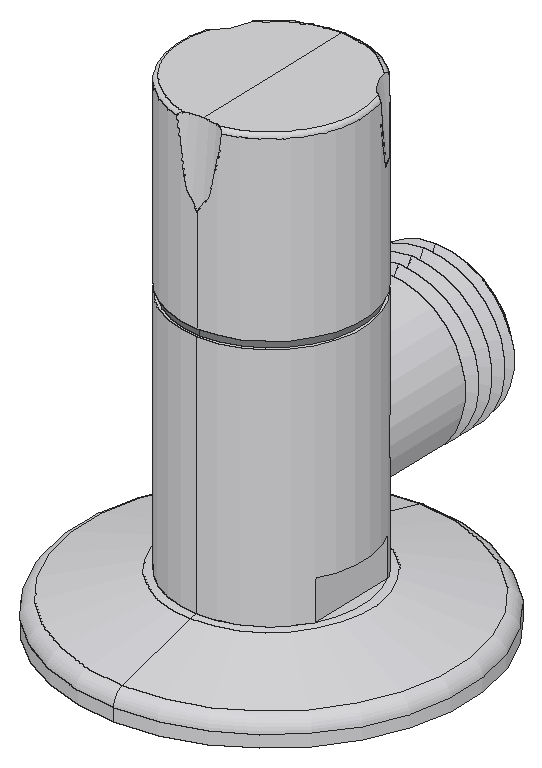
Revit family "Faucet-Angle_Valve-KOHLER-Brio-K-33439K_1", category Plumbing Fixtures, host Face, Revit 2021
Family settings
  Host = Face
  Round Connector Dimension = Use Diameter
  Part Type = Normal
  OmniClass Number = 23.31.11.00
  OmniClass Title = Faucets
  Cut with Voids When Loaded = No
  Shared = No
  Room Calculation Point = No
Parameters (values of type "CP-Polished Chrome")
  Width = 2 1/128"  # constant formula
  WaterSense Certified = 1 = 0  # no
  Waste Water Outlet = "Waste Water Outlet"  # constant formula
  Waste Connection = 1 = 0  # no
  Vent Connection = 1 = 0  # no
  URL = "https://www.kohlerasiapacific.com/"
  Type = 1
  Product Page URL = ""
  Product Name = "Brio"  # constant formula
  Product Documentation Link = ""
  Pressure = 0.00 psi
  Model = "K-33439K-CP"  # constant formula
  Material = "Premium Metal Construction"  # constant formula
  Master Format 2014 Name = "Residential Faucets, Supplies, and Trim"  # constant formula
  Master Format 2014 = "22 41 39"  # constant formula
  Manufacturer Address = "No. 158 Jiang Chang San Road, Zhabei District, Shanghai, China\r\n"  # constant formula
  Manufacturer = "Kohler Co."  # constant formula
  Length = 2.50878"  # constant formula
  Hot Water Inlet = "Hot Water Inlet"  # constant formula
  Height = 2.1063"  # constant formula
  HW Connection = 1 = 0  # no
  Flow Rate = 0 GPM
  Finish = Kohler-Metal-CP-Polished_Chrome
  Environmental Product Declaration = ""
  Drain Included = 1 = 0  # no
  Description = "Bliss Angle Valve"  # constant formula
  Default Elevation = 36"
  Declare Label = ""
  Date Modified = "04/05/2024"  # constant formula
  Date Created = "04/05/2024"  # constant formula
  Copyright = "Copyright Kohler Co."  # constant formula
  Contact Us = "https://www.kohlerasiapacific.com/contact-us"
  Cold Water Outlet = "Cold Water Outlet"  # constant formula
  Cold Water Inlet = "Cold Water Inlet"  # constant formula
  CW Connection = 1 = 1  # yes
  Assembly Code = "D2010"
  ADA Compliant = 1 = 0  # no
Reference planes (in)
  plane 1 "Center (Front/Back)": y = 0
  plane 2: z = 0
  plane 3 "Center (Left/Right)": x = 0
  plane 4: y = -1.00394
  plane 5: x = 1.00394
  plane 6: x = -1.00388
  plane 7: z = 0.88675
  plane 8: z = 2.50878
  plane 9: y = 1.10236
Dimensions and locks (in)
  "Width": plane 6 to plane 5
  level to plane 7 = 0.88675"
  plane 1 "Center (Front/Back)" to plane 9 = 1.10236"
  "Height": plane 9 to plane 4
  "Length": plane 8 to level
  aligned and locked: plane 2 to host face
  aligned and locked: level to host face
  aligned and locked: plane 1 "Center (Front/Back)" to nested 1
  aligned and locked: plane 3 "Center (Left/Right)" to nested 1
  aligned and locked: plane 4 to nested 1
  aligned and locked: plane 9 to nested 1
  aligned and locked: plane 8 to nested 1
Automatic sketch dimensions
  host sketch curve to host sketch curve = 96"  (x2)
Nested families (in)
  nested 1: "K-33439K" at (0, 0, -0.00001), type "K-33439K"
Connectors (in)
  piping at (0, 0, -0.00001), diameter 0.5, driven by "CW Connection", driven by "Cold Water Inlet"
    settings: on nested 1, index 2, connector inside diameter 24", connector length 0", flow factor 0, pipe flow 0 GPM, pressure drop 0.00 psi, fitting loss kfactor 0, connector angle 0.00°, fixture units 0, engagement length 0", angle of deflection 0.00°, flow configuration 0, flow direction 1, fitting loss method 0, system type 20, joint type 0, gender type 0, connector reference index -1, connector utility 1, adjustable connector no, is connector primary yes, connector description "Cold Water Inlet"
  piping at (0, 1.10236, 0.88673), diameter 0.5, driven by "CW Connection", driven by "Cold Water Outlet"
    settings: on nested 1, index 3, connector inside diameter 24", connector length 0", flow factor 0, pipe flow 0 GPM, pressure drop 0.00 psi, fitting loss kfactor 0, connector angle 0.00°, fixture units 0, engagement length 0", angle of deflection 0.00°, flow configuration 0, flow direction 2, fitting loss method 0, system type 20, joint type 0, gender type 0, connector reference index -1, connector utility 1, adjustable connector no, is connector primary no, connector description "Cold Water Outlet"
Definition of nested family "K-33439K"
  Parameters
    Material = none
    Default Elevation = 0"
  Reference planes (in)
    plane 1 "Center (Front/Back)": y = 0
    plane 2: z = 0
    plane 3 "Center (Left/Right)": x = 0
    plane 4: y = -1.00394
    plane 5: y = 1.00394
    plane 6: z = 0
    plane 7: z = 2.50879
    plane 8: z = 2.02848
    plane 9: z = 0.88675
    plane 10: x = 1.00394
    plane 11: x = -1.00394
    plane 12: y = 1.10236
    plane 13: x = -0.47266
    plane 14: x = 0.47266
  Forms (in)
    Revolve 1, solid, material <- "Material", detail levels medium+fine
      sketch origin (0, 0, 0) x (0, -1, 0) y (0, 0, 1)
        loop
          line (0.47266, 0.25915) -> (0.47266, 1.52456) -> (0, 1.52456) -> (0, 0.25915) -> (0.47266, 0.25915)
        axis (0, 1.52456) -> (0, 0.25915)
      angle from 0 to 360
    Revolve 2, solid, detail levels medium+fine
      sketch origin (0, 0, 0) x (0, -1, 0) y (0, 0, 1)
        loop
          line (0, 1.52454) -> (0.45691, 1.52454) -> (0.45691, 1.56391) -> (0, 1.56391) -> (0, 1.52454)
        axis (0, 1.56391) -> (0, 1.52454)
      angle from 0 to 360
    Revolve 3, solid, material <- "Material", detail levels medium+fine
      sketch origin (0, 0, 0) x (0, -1, 0) y (0, 0, 1)
        loop
          line (0.00022, 1.56391) -> (0.47268, 1.56391) -> (0.47268, 2.48911)
          arc (0.47268, 2.48911) -> (0.46691, 2.50303) -> (0.45299, 2.50879) r 0.01969
          line (0.45299, 2.50879) -> (0.00022, 2.50879) -> (0.00022, 1.56391)
        axis (0.00022, 2.50879) -> (0.00022, 1.56391)
      angle from 0 to 360
    Revolve 4, solid, material <- "Material", detail levels medium+fine
      sketch origin (0, 0, 0) x (0, -1, 0) y (0, 0, 1)
        loop
          line (-0.15111, 1.29226) -> (-0.7301, 1.29226) -> (-0.76943, 1.22433) -> (-0.81081, 1.29566) -> (-0.85228, 1.2245) -> (-0.89357, 1.29566) -> (-0.93503, 1.22452) -> (-0.9763, 1.29566) -> (-1.01747, 1.22503) -> (-1.05154, 1.28376) -> (-1.08519, 1.25011)
          arc (-1.08519, 1.25011) -> (-1.09623, 1.23514) -> (-1.10236, 1.21758) r 0.06233
          line (-1.10236, 1.21758) -> (-1.10236, 0.88675) -> (0.00049, 0.88675) -> (0.00049, 1.2246) -> (-0.15111, 1.29226)
        axis (0.00049, 0.88675) -> (-1.10236, 0.88675)
      angle from 0 to 360
    Extrusion 5, void
      sketch origin (0, 0, 0.0123) x (-1, 0, 0) y (0, 0, 1)
        loop
          circle (-0.00131, 0.87437) r 0.31496
      from 0.7301 to 1.52056
    Extrusion 6, void
      sketch origin (0, -0.34717, -0.02228) x (-1, 0, 0) y (0, -0.994522, 0.104528)
        loop
          arc (-0.22585, 0.47371) -> (-0.00007, 0.34636) -> (0.22571, 0.47371) r 0.26383
          line (0.22571, 0.47371) -> (-0.22585, 0.47371)
      from 2.00878 to 3.31674
    Extrusion 7, void
      sketch origin (-0.30024, 0.17285, -0.02228) x (0.5, 0.866025, 0) y (-0.861281, 0.497261, 0.104528)
        loop
          arc (-0.22585, 0.47371) -> (-0.00007, 0.34636) -> (0.22571, 0.47371) r 0.26383
          line (0.22571, 0.47371) -> (-0.22585, 0.47371)
      from 2.00878 to 3.31674
    Extrusion 8, void
      sketch origin (0.30024, 0.17285, -0.02228) x (0.5, -0.866025, 0) y (0.861281, 0.497261, 0.104528)
        loop
          arc (-0.22585, 0.47371) -> (-0.00007, 0.34636) -> (0.22571, 0.47371) r 0.26383
          line (0.22571, 0.47371) -> (-0.22585, 0.47371)
      from 2.00878 to 3.31674
    Revolve 9, solid, material <- "Material", detail levels coarse
      sketch origin (0, 0, 0) x (0, -1, 0) y (0, 0, 1)
        loop
          line (0.00049, 1.29226) -> (-1.10236, 1.29226) -> (-1.10236, 0.88675) -> (0.00049, 0.88675) -> (0.00049, 1.29226)
        axis (0.00049, 0.88675) -> (-1.10236, 0.88675)
      angle from 0 to 360
    Revolve 10, solid, material <- "Material", detail levels coarse
      sketch origin (0, 0, 0) x (0, -1, 0) y (0, 0, 1)
        loop
          line (1.00394, 0) -> (1.00394, 0.25915) -> (0.47266, 0.25915) -> (0.47266, 2.50879) -> (0, 2.50879) -> (0, 0) -> (1.00394, 0)
        axis (0, 2.50879) -> (0, 0)
      angle from 0 to 360
    Extrusion 11, void
      sketch origin (0, 0, 0.00308) x (-1, 0, 0) y (0, 0, 1)
        loop
          line (0.50747, 0.45856) -> (0.41512, 0.45856) -> (0.41512, 0.25607) -> (0.50747, 0.25607) -> (0.50747, 0.45856)
        loop
          line (-0.50747, 0.45833) -> (-0.50747, 0.25607) -> (-0.41195, 0.25607) -> (-0.41195, 0.45833) -> (-0.50747, 0.45833)
      from -0.57483 to 0.61191
    Revolve 12, solid, material <- "Material", detail levels medium+fine
      sketch origin (0, 0, 0) x (0, -1, 0) y (0, 0, 1)
        loop
          line (1.00394, 0) -> (1.00394, 0.06194)
          arc (1.00394, 0.06194) -> (0.98766, 0.10988) -> (0.94554, 0.138) r 0.07874
          line (0.94554, 0.138) -> (0.51186, 0.25401)
          arc (0.51186, 0.25401) -> (0.49248, 0.25786) -> (0.47277, 0.25915) r 0.15127
          line (0.47277, 0.25915) -> (0, 0.25915) -> (0, 0) -> (1.00394, 0)
        axis (0, 0.25915) -> (0, 0)
      angle from 0 to 360
    Extrusion 13, solid, material <- "Material", detail levels medium+fine
      sketch origin (0, 0, 0) x (-1, 0, 0) y (0, -1, 0)
        loop
          circle (0, 0) r 0.07874
      from 0 to 0.05222
    Extrusion 14, solid, material <- "Material", detail levels medium+fine
      sketch origin (0, 0, 0) x (-1, 0, 0) y (0, 0, 1)
        loop
          circle (0, 0.88675) r 0.07874
      from 0 to 1.10236
  Cuts and joins
    Extrusion 5 cuts Revolve 4
    Extrusion 6, Extrusion 7, Extrusion 8 cuts Revolve 3
    Extrusion 11 cuts Revolve 1
  Lines and regions (in)
    Masking region 1
      outline origin (0, 0, 0) x (1, 0, 0) y (0, 0, 1)
        loop
          line (-1.00394, 0) -> (1.00394, 0) -> (1.00394, 0.05728)
          arc (1.00394, 0.05728) -> (0.98764, 0.10524) -> (0.9455, 0.13335) r 0.07874
          line (0.9455, 0.13335) -> (0.48259, 0.25687)
          arc (0.48259, 0.25687) -> (0.46709, 0.26064) -> (0.45144, 0.26371) r 0.35638
          line (0.45144, 0.26371) -> (0.41227, 0.26371) -> (0.41227, 0.46155) -> (0.47039, 0.46155) -> (0.47039, 2.48911)
          arc (0.47039, 2.48911) -> (0.46462, 2.50303) -> (0.4507, 2.50879) r 0.01969
          line (0.4507, 2.50879) -> (0, 2.50879) -> (-0.4507, 2.50879)
          arc (-0.4507, 2.50879) -> (-0.46462, 2.50303) -> (-0.47039, 2.48911) r 0.01969
          line (-0.47039, 2.48911) -> (-0.47039, 0.46155) -> (-0.41227, 0.46155) -> (-0.41227, 0.26371) -> (-0.45144, 0.26371)
          arc (-0.45144, 0.26371) -> (-0.46709, 0.26064) -> (-0.48259, 0.25687) r 0.35638
          line (-0.48259, 0.25687) -> (-0.9455, 0.13335)
          arc (-0.9455, 0.13335) -> (-0.98764, 0.10524) -> (-1.00394, 0.05728) r 0.07874
          line (-1.00394, 0.05728) -> (-1.00394, 0)
    Masking region 2
      outline origin (0, 0, 0) x (0, 1, 0) y (0, 0, 1)
        loop
          line (1.00394, 0) -> (1.00394, 0.05655)
          arc (1.00394, 0.05655) -> (0.98751, 0.1049) -> (0.94502, 0.13324) r 0.07937
          line (0.94502, 0.13324) -> (0.47218, 0.2593) -> (0.47218, 0.40249)
          arc (0.47218, 0.40249) -> (0.49524, 0.45817) -> (0.55092, 0.48123) r 0.07874
          line (0.55092, 0.48123) -> (0.73009, 0.48123) -> (0.76956, 0.5496) -> (0.81109, 0.47765) -> (0.85217, 0.54879) -> (0.89324, 0.47765) -> (0.93469, 0.54945) -> (0.97614, 0.47765) -> (1.01751, 0.54931) -> (1.05182, 0.48989) -> (1.08503, 0.52311)
          arc (1.08503, 0.52311) -> (1.09559, 0.53676) -> (1.10236, 0.55264) r 0.06794
          line (1.10236, 0.55264) -> (1.10236, 0.88675) -> (1.10236, 1.22085)
          arc (1.10236, 1.22085) -> (1.09559, 1.23673) -> (1.08503, 1.25039) r 0.06794
          line (1.08503, 1.25039) -> (1.05182, 1.2836) -> (1.01751, 1.22418) -> (0.97614, 1.29584) -> (0.93469, 1.22404) -> (0.89324, 1.29584) -> (0.85217, 1.2247) -> (0.81109, 1.29584) -> (0.76956, 1.2239) -> (0.73009, 1.29226) -> (0.55092, 1.29226)
          arc (0.55092, 1.29226) -> (0.49524, 1.31532) -> (0.47218, 1.371) r 0.07874
          line (0.47218, 1.371) -> (0.47218, 2.48911)
          arc (0.47218, 2.48911) -> (0.46642, 2.50303) -> (0.4525, 2.50879) r 0.01969
          line (0.4525, 2.50879) -> (-0.39255, 2.50879)
          arc (-0.39255, 2.50879) -> (-0.40665, 2.50331) -> (-0.41334, 2.48975) r 0.02087
          line (-0.41334, 2.48975) -> (-0.4603, 1.95302)
          arc (-0.4603, 1.95302) -> (-0.46162, 1.9329) -> (-0.46206, 1.91274) r 0.46211
          line (-0.46206, 1.91274) -> (-0.46206, 0.262) -> (-0.94548, 0.13311)
          arc (-0.94548, 0.13311) -> (-0.98764, 0.105) -> (-1.00394, 0.05703) r 0.07874
          line (-1.00394, 0.05703) -> (-1.00394, 0) -> (1.00394, 0)
    Masking region 3
      outline origin (0, 0, 0) x (-1, 0, 0) y (0, -1, 0)
        loop
          arc (-0.47063, 0.88728) -> (-0.8245, 0.57328) -> (-0.99528, 0.13207) r 1.00394
          arc (-0.99528, 0.13207) -> (-1.00179, 0.06618) -> (-1.00394, 0) r 1.00395
          arc (-1.00394, 0) -> (-1.00154, -0.06877) -> (-0.99445, -0.13722) r 1.00395
          arc (-0.99445, -0.13722) -> (-0.79013, -0.61885) -> (-0.37124, -0.93228) r 1.00394
          line (-0.37124, -0.93228) -> (-0.41004, -0.9556) -> (-0.33845, -0.99693) -> (-0.41003, -1.03825) -> (-0.33883, -1.07937) -> (-0.37563, -1.10236) -> (0.37563, -1.10236) -> (0.33883, -1.07937) -> (0.41003, -1.03825) -> (0.33845, -0.99693) -> (0.41004, -0.9556) -> (0.37124, -0.93228)
          arc (0.37124, -0.93228) -> (0.76148, -0.65376) -> (0.97805, -0.22602) r 1.00394
          arc (0.97805, -0.22602) -> (0.99742, -0.11375) -> (1.00394, 0) r 1.00394
          arc (1.00394, 0) -> (0.999, 0.09997) -> (0.98412, 0.19895) r 1.00394
          arc (0.98412, 0.19895) -> (0.80379, 0.602) -> (0.46796, 0.88869) r 1.00394
          arc (0.46796, 0.88869) -> (0.24008, 0.97517) -> (-0.00196, 1.00394) r 0.99977
          arc (-0.00196, 1.00394) -> (-0.24345, 0.97434) -> (-0.47063, 0.88728) r 0.99975
    symbolic lines, detail levels medium+fine
      curve 1: line (-0.47039, 0, 1.56395) -> (0.47039, 0, 1.56395)
      curve 2: line (-0.47039, 0, 1.52456) -> (0.47039, 0, 1.52456)
      curve 3: line (-0.41227, 0, 0.26371) -> (0.41227, 0, 0.26371)
      curve 4: line (-0.9455, 0, 0.13335) -> (0.9455, 0, 0.13335)
      curve 5: line (-1.00394, 0, 0.05728) -> (1.00394, 0, 0.05728)
      curve 6: circle (0, 0, 0.88675) r 0.41227 normal (0, -1, 0)
      curve 7: circle (0, 0, 0.88675) r 0.33716 normal (0, -1, 0)
      curve 8: line (-0.47039, 0, 2.48911) -> (0.47039, 0, 2.48911)
      curve 9: arc (0.27041, 0, 2.50879) -> (0.3109, 0, 2.28769) -> (0.36284, 0, 2.06899) r 4.32126
      curve 10: arc (0.47039, 0, 2.48911) -> (0.46496, 0, 2.28178) -> (0.44869, 0, 2.07503) r 3.96144
      curve 11: arc (0.36284, 0, 2.06899) -> (0.37625, 0, 2.03353) -> (0.39659, 0, 2.00154) r 0.18541
      curve 12: arc (0.44869, 0, 2.07503) -> (0.44107, 0, 2.03837) -> (0.4263, 0, 2.00397) r 0.18698
      curve 13: arc (0.39659, 0, 2.00154) -> (0.41209, 0, 1.9948) -> (0.4263, 0, 2.00397) r 0.0179
      curve 14: arc (-0.27041, 0, 2.50879) -> (-0.3109, 0, 2.28769) -> (-0.36284, 0, 2.06899) r 4.32126
      curve 15: arc (-0.47039, 0, 2.48911) -> (-0.46496, 0, 2.28178) -> (-0.44869, 0, 2.07503) r 3.96144
      curve 16: arc (-0.36284, 0, 2.06899) -> (-0.37625, 0, 2.03353) -> (-0.39659, 0, 2.00154) r 0.18541
      curve 17: arc (-0.44869, 0, 2.07503) -> (-0.44107, 0, 2.03837) -> (-0.4263, 0, 2.00397) r 0.18698
      curve 18: arc (-0.39659, 0, 2.00154) -> (-0.41209, 0, 1.9948) -> (-0.4263, 0, 2.00397) r 0.0179
      curve 19: line (0, 0.47218, 2.48911) -> (0, -0.4134, 2.48911)
      curve 20: line (0, 0.47266, 1.56391) -> (0, -0.46206, 1.56391)
      curve 21: line (0, 0.47266, 1.52454) -> (0, -0.46206, 1.52454)
      curve 22: line (0, 0.47268, 0.25916) -> (0, -0.47218, 0.2593)
      curve 23: line (0, 0.94502, 0.13324) -> (0, -0.94548, 0.13311)
      curve 24: line (0, -1.00394, 0.05703) -> (0, 1.00394, 0.05655)
      curve 25: line (0.40906, 0.91633, 0) -> (0.33569, 0.87224, 0)
      curve 26: line (0.33569, 0.87224, 0) -> (0.4067, 0.83288, 0)
      curve 27: line (0.4067, 0.83288, 0) -> (0.33663, 0.79078, 0)
      curve 28: line (0.33663, 0.79078, 0) -> (0.40359, 0.75159, 0)
      curve 29: line (-0.40906, 0.91633, 0) -> (-0.33569, 0.87224, 0)
      curve 30: line (-0.33569, 0.87224, 0) -> (-0.4067, 0.83288, 0)
      curve 31: line (-0.4067, 0.83288, 0) -> (-0.33663, 0.79078, 0)
      curve 32: line (-0.33663, 0.79078, 0) -> (-0.40359, 0.75159, 0)
      curve 33: line (0.40359, 0.75159, 0) -> (0.40359, 0.28791, 0)
      curve 34: arc (0.41307, 0.22795, 0) -> (0.40754, -0.24108, 0) -> (0, -0.47332, 0) r 0.47158
      curve 35: arc (0.40359, 0.28791, 0) -> (0.40598, 0.25756, 0) -> (0.41307, 0.22795, 0) r 0.19454
      curve 36: arc (0.46973, 0.05187, 0) -> (0.3078, 0.1761, 0) -> (0.27805, 0.37801, 0) r 0.27169
      curve 37: arc (0, 0.46078, 0) -> (0.1458, 0.44217, 0) -> (0.27805, 0.37801, 0) r 0.45449
      curve 38: arc (0.27805, 0.37801, 0) -> (0.35399, 0.31057, 0) -> (0.41307, 0.22795, 0) r 0.45449
      curve 39: arc (0.20381, -0.42759, 0) -> (0.11041, -0.36631, 0) -> (0, -0.34935, 0) r 0.26289
      curve 40: line (-0.40359, 0.75159, 0) -> (-0.40359, 0.28791, 0)
      curve 41: arc (-0.41307, 0.22795, 0) -> (-0.40754, -0.24108, 0) -> (0, -0.47332, 0) r 0.47158
      curve 42: arc (-0.40359, 0.28791, 0) -> (-0.40598, 0.25756, 0) -> (-0.41307, 0.22795, 0) r 0.19454
      curve 43: arc (-0.46973, 0.05187, 0) -> (-0.3078, 0.1761, 0) -> (-0.27805, 0.37801, 0) r 0.27169
      curve 44: arc (0, 0.46078, 0) -> (-0.1458, 0.44217, 0) -> (-0.27805, 0.37801, 0) r 0.45449
      curve 45: arc (-0.27805, 0.37801, 0) -> (-0.35399, 0.31057, 0) -> (-0.41307, 0.22795, 0) r 0.45449
      curve 46: arc (-0.20381, -0.42759, 0) -> (-0.11041, -0.36631, 0) -> (0, -0.34935, 0) r 0.26289
      curve 47: line (0.40359, 0.75159, 0) -> (-0.40359, 0.75159, 0)
      curve 48: line (0.4067, 0.83288, 0) -> (-0.33663, 0.79078, 0)
      curve 49: line (0.40906, 0.91633, 0) -> (-0.33569, 0.87224, 0)
      curve 50: line (0.41003, 1.03825, 0) -> (-0.33845, 0.99693, 0)
      curve 51: line (0.41004, 0.9556, 0) -> (-0.37124, 0.93228, 0)
      curve 52: line (0.37563, 1.10236, 0) -> (-0.33883, 1.07937, 0)
      curve 53: line (0, 1.05182, 0.48989) -> (0, 1.01751, 1.22418)
      curve 54: line (0, 0.97614, 0.47765) -> (0, 0.93469, 1.22404)
      curve 55: line (0, 0.89324, 0.47765) -> (0, 0.85217, 1.2247)
      curve 56: line (0, 0.81109, 0.47765) -> (0, 0.76956, 1.2239)
      curve 57: line (0, 0.73009, 0.48123) -> (0, 0.73009, 1.29226)
      curve 58: arc (0, 0.47218, 1.371) -> (0, 0.36522, 1.22116) -> (0, 0.27184, 1.0625) r 2.09342
      curve 59: arc (0, 0.27184, 1.0625) -> (0, 0.22796, 0.88627) -> (0, 0.27184, 0.71003) r 0.37588
      curve 60: arc (0, 0.27184, 0.71003) -> (0, 0.36513, 0.55178) -> (0, 0.47218, 0.40249) r 2.05569
      curve 61: arc (0, 0.03693, 2.50879) -> (0, 0.09513, 2.26478) -> (0, 0.18351, 2.03001) r 1.99347
      curve 62: arc (0, 0.28683, 2.03318) -> (0, 0.35593, 2.26715) -> (0, 0.38948, 2.50879) r 1.6366
      curve 63: arc (0, 0.18351, 2.03001) -> (0, 0.23623, 1.99706) -> (0, 0.28683, 2.03318) r 0.05594
      curve 64: circle (0.00131, 0, 0.88667) r 0.31496 normal (0, 1, 0)
      curve 65: circle (0, 0, 0.88675) r 0.40551 normal (0, -1, 0)
      curve 66: arc (-0.34593, 0.8784, 0) -> (0, -0.94501, 0) -> (0.34593, 0.8784, 0) r 0.94452
      curve 67: line (0, 0.22601, 0.2592) -> (0, 0.22601, 0.46163)
      curve 68: line (0, 0.22601, 0.46163) -> (0, -0.22601, 0.46163)
      curve 69: line (0, -0.22601, 0.46163) -> (0, -0.22601, 0.25926)
  Dimensions and locks (in)
    plane 13 to plane 14 = 121/128"
    aligned and locked: plane 2 to level
